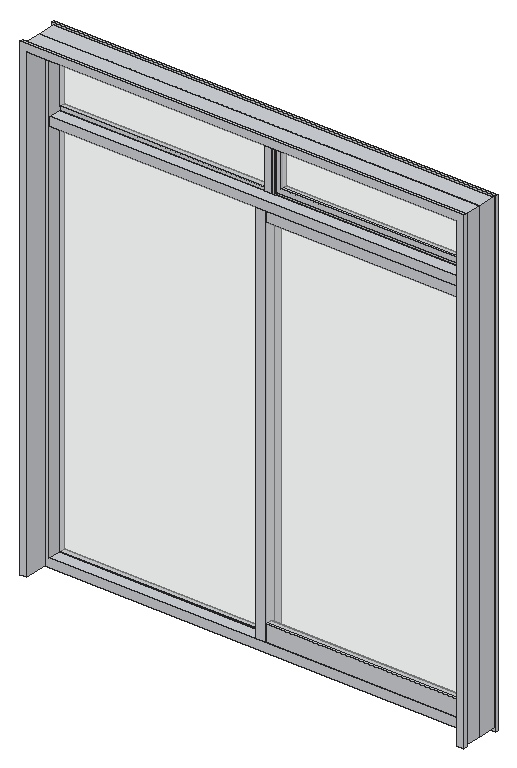
Revit family "APL Residential Thermal Heart Sliding Door SF with Overlight", category Doors, host Wall, Revit 2017 (continued)
Definition of nested family "APL Residential Thermal Heart Sliding Door SF with Overlight Vertical Section"
  Definition of nested family "Two Panel Overlight"
    Definition of nested family "65720_Sash"
      Lines and regions (mm)
        model lines, in view "Ref. Level"
          curve 163: line (5.314, 2.409, 0) -> (5.314, 2.909, 0)
          curve 164: line (5.314, 2.909, 0) -> (5.414, 3.384, 0)
          curve 165: line (5.414, 4.834, 0) -> (5.414, 5.209, 0)
          curve 166: line (5.414, 5.209, 0) -> (5.314, 5.809, 0)
          curve 167: line (5.714, 6.209, 0) -> (5.92, 6.209, 0)
          curve 168: line (5.92, 6.209, 0) -> (7.774, 5.17, 0)
          curve 169: line (8.374, 5.009, 0) -> (10.794, 5.009, 0)
          curve 170: line (11.794, 5.978, 0) -> (12.114, 13.768, 0)
          curve 171: arc (12.114, 13.768, 0) -> (12.293, 14.187, 0) -> (12.714, 14.359, 0) r 0.6
          curve 172: arc (5.3, -2.4, 0) -> (5.417, -2.117, 0) -> (5.7, -2, 0) r 0.4
          curve 173: arc (5.993, -2, 0) -> (6.096, -2.014, 0) -> (6.193, -2.054, 0) r 0.4
          curve 174: arc (7.721, -2.939, 0) -> (8.011, -3.059, 0) -> (8.322, -3.1, 0) r 1.2
          curve 175: arc (9.245, -3.1, 0) -> (9.818, -3.281, 0) -> (10.184, -3.758, 0) r 1
          curve 176: arc (10.977, -5.937, 0) -> (11.124, -6.128, 0) -> (11.353, -6.2, 0) r 0.4
          curve 177: arc (14.047, -6.2, 0) -> (14.276, -6.128, 0) -> (14.423, -5.937, 0) r 0.4
          curve 178: arc (15.216, -3.758, 0) -> (15.582, -3.281, 0) -> (16.155, -3.1, 0) r 1
          curve 179: arc (17.078, -3.1, 0) -> (17.389, -3.059, 0) -> (17.679, -2.939, 0) r 1.2
          curve 180: arc (19.207, -2.054, 0) -> (19.304, -2.014, 0) -> (19.407, -2, 0) r 0.4
          curve 181: arc (19.7, -2, 0) -> (19.983, -2.117, 0) -> (20.1, -2.4, 0) r 0.4
          curve 182: arc (20.1, -5.8, 0) -> (19.983, -6.083, 0) -> (19.7, -6.2, 0) r 0.4
          curve 183: arc (19.407, -6.2, 0) -> (19.304, -6.186, 0) -> (19.207, -6.146, 0) r 0.4
          curve 184: arc (17.679, -5.261, 0) -> (17.385, -5.14, 0) -> (17.07, -5.1, 0) r 1.2
          curve 185: arc (17.07, -5.1, 0) -> (16.895, -5.153, 0) -> (16.784, -5.297, 0) r 0.3
          curve 186: arc (15.896, -7.737, 0) -> (15.749, -7.928, 0) -> (15.52, -8, 0) r 0.4
          curve 187: arc (9.88, -8, 0) -> (9.651, -7.928, 0) -> (9.504, -7.737, 0) r 0.4
          curve 188: arc (8.616, -5.297, 0) -> (8.505, -5.153, 0) -> (8.33, -5.1, 0) r 0.3
          curve 189: arc (8.33, -5.1, 0) -> (8.015, -5.14, 0) -> (7.721, -5.261, 0) r 1.2
          curve 190: arc (6.193, -6.146, 0) -> (6.096, -6.186, 0) -> (5.993, -6.2, 0) r 0.4
          curve 191: arc (5.7, -6.2, 0) -> (5.417, -6.083, 0) -> (5.3, -5.8, 0) r 0.4
          curve 192: line (5.7, -2, 0) -> (5.993, -2, 0)
          curve 193: line (6.193, -2.054, 0) -> (7.721, -2.939, 0)
          curve 194: line (8.322, -3.1, 0) -> (9.245, -3.1, 0)
          curve 195: line (10.184, -3.758, 0) -> (10.977, -5.937, 0)
          curve 196: line (11.353, -6.2, 0) -> (14.047, -6.2, 0)
          curve 197: line (14.423, -5.937, 0) -> (15.216, -3.758, 0)
          curve 198: line (16.155, -3.1, 0) -> (17.078, -3.1, 0)
          curve 199: line (17.679, -2.939, 0) -> (19.207, -2.054, 0)
          curve 200: line (19.407, -2, 0) -> (19.7, -2, 0)
          curve 201: line (20.1, -2.4, 0) -> (20.1, -5.8, 0)
          curve 202: line (19.7, -6.2, 0) -> (19.407, -6.2, 0)
          curve 203: line (19.207, -6.146, 0) -> (17.679, -5.261, 0)
          curve 204: line (16.784, -5.297, 0) -> (15.896, -7.737, 0)
          curve 205: line (15.52, -8, 0) -> (9.88, -8, 0)
          curve 206: line (9.504, -7.737, 0) -> (8.616, -5.297, 0)
          curve 207: line (7.721, -5.261, 0) -> (6.193, -6.146, 0)
          curve 208: line (5.993, -6.2, 0) -> (5.7, -6.2, 0)
          curve 209: line (5.3, -5.8, 0) -> (5.3, -2.4, 0)
          curve 210: arc (7.8, -0.874, 0) -> (7.718, -0.477, 0) -> (7.485, -0.146, 0) r 1
          curve 211: arc (7.485, -0.146, 0) -> (7.422, 0, 0) -> (7.485, 0.146, 0) r 0.2
          curve 212: arc (7.485, 0.146, 0) -> (7.718, 0.477, 0) -> (7.8, 0.874, 0) r 1
          curve 213: arc (7.8, 2.449, 0) -> (7.673, 2.668, 0) -> (7.42, 2.663, 0) r 0.25
          curve 214: arc (7.334, 2.611, 0) -> (7.228, 2.479, 0) -> (7.231, 2.309, 0) r 0.25
          curve 215: arc (5.977, 1.544, 0) -> (5.902, 1.511, 0) -> (5.821, 1.5, 0) r 0.3
          curve 216: arc (5.3, 1.5, 0) -> (5.142, 1.578, 0) -> (5.106, 1.75, 0) r 0.2
          curve 217: arc (5.3, 5.753, 0) -> (5.274, 5.875, 0) -> (5.2, 5.976, 0) r 0.3
          curve 218: arc (5.2, 5.976, 0) -> (5.12, 6.307, 0) -> (5.4, 6.5, 0) r 0.3
          curve 219: arc (7.621, 5.957, 0) -> (7.71, 5.905, 0) -> (7.762, 5.816, 0) r 0.2
          curve 220: arc (7.807, 5.648, 0) -> (7.948, 5.507, 0) -> (8.141, 5.559, 0) r 0.2
          curve 221: arc (8.505, 5.922, 0) -> (8.565, 6.008, 0) -> (8.592, 6.108, 0) r 0.3
          curve 222: arc (8.799, 8.474, 0) -> (8.683, 8.738, 0) -> (8.397, 8.782, 0) r 0.3
          curve 223: arc (6.987, 8.268, 0) -> (6.861, 8.181, 0) -> (6.795, 8.043, 0) r 0.3
          curve 224: arc (6.795, 8.043, 0) -> (6.522, 7.801, 0) -> (6.217, 8, 0) r 0.3
          curve 225: arc (-3.3, 8, 0) -> (-4.007, 8.293, 0) -> (-4.3, 9, 0) r 1
          curve 226: arc (-4.3, 18.8, 0) -> (-4.241, 18.941, 0) -> (-4.1, 19, 0) r 0.2
          curve 227: arc (-3.2, 19, 0) -> (-2.493, 19.293, 0) -> (-2.2, 20, 0) r 1
          curve 228: arc (-2.2, 20.751, 0) -> (-2.7, 21.252, 0) -> (-3.2, 20.751, 0) r 0.5
          curve 229: arc (-3.2, 24.751, 0) -> (-2.7, 24.249, 0) -> (-2.2, 24.751, 0) r 0.5
          curve 230: arc (-2.2, 25.501, 0) -> (-2.493, 26.207, 0) -> (-3.199, 26.5, 0) r 0.999
          curve 231: arc (-4.7, 26.5, 0) -> (-5.407, 26.207, 0) -> (-5.7, 25.5, 0) r 1
          curve 232: arc (-5.7, -14.454, 0) -> (-5.548, -15.22, 0) -> (-5.114, -15.869, 0) r 2
          curve 233: arc (5.959, -26.941, 0) -> (6.177, -26.985, 0) -> (6.3, -26.8, 0) r 0.2
          curve 234: arc (6.3, -22.85, 0) -> (6.241, -22.709, 0) -> (6.1, -22.65, 0) r 0.2
          curve 235: arc (5.501, -22.65, 0) -> (5.359, -22.708, 0) -> (5.3, -22.85, 0) r 0.2
          curve 236: arc (5.3, -23.2, 0) -> (5.241, -23.341, 0) -> (5.1, -23.4, 0) r 0.201
          curve 237: arc (4.497, -23.4, 0) -> (4.357, -23.341, 0) -> (4.3, -23.2, 0) r 0.198
          curve 238: arc (4.3, -20.1, 0) -> (4.358, -19.96, 0) -> (4.497, -19.9, 0) r 0.2
          curve 239: arc (5.1, -19.9, 0) -> (5.241, -19.959, 0) -> (5.3, -20.1, 0) r 0.2
          curve 240: arc (5.3, -20.45, 0) -> (5.359, -20.591, 0) -> (5.5, -20.65, 0) r 0.2
          curve 241: arc (6.1, -20.65, 0) -> (6.241, -20.591, 0) -> (6.3, -20.45, 0) r 0.2
          curve 242: arc (6.3, -19.092, 0) -> (6.244, -18.951, 0) -> (6.1, -18.9, 0) r 0.184
          curve 243: arc (6.217, -8, 0) -> (6.522, -7.801, 0) -> (6.795, -8.043, 0) r 0.3
          curve 244: arc (6.795, -8.043, 0) -> (6.861, -8.181, 0) -> (6.987, -8.268, 0) r 0.3
          curve 245: arc (8.397, -8.782, 0) -> (8.683, -8.738, 0) -> (8.799, -8.474, 0) r 0.3
          curve 246: arc (8.592, -6.108, 0) -> (8.565, -6.008, 0) -> (8.505, -5.922, 0) r 0.3
          curve 247: arc (8.141, -5.559, 0) -> (7.948, -5.507, 0) -> (7.807, -5.648, 0) r 0.2
          curve 248: arc (7.762, -5.816, 0) -> (7.71, -5.905, 0) -> (7.621, -5.957, 0) r 0.2
          curve 249: arc (5.4, -6.5, 0) -> (5.12, -6.307, 0) -> (5.2, -5.976, 0) r 0.3
          curve 250: arc (5.2, -5.976, 0) -> (5.274, -5.875, 0) -> (5.3, -5.753, 0) r 0.3
          curve 251: arc (5.106, -1.75, 0) -> (5.142, -1.578, 0) -> (5.3, -1.5, 0) r 0.2
          curve 252: arc (5.82, -1.5, 0) -> (5.902, -1.511, 0) -> (5.977, -1.544, 0) r 0.3
          curve 253: arc (7.231, -2.309, 0) -> (7.228, -2.479, 0) -> (7.334, -2.611, 0) r 0.25
          curve 254: arc (7.42, -2.663, 0) -> (7.672, -2.668, 0) -> (7.8, -2.45, 0) r 0.25
          curve 255: arc (-0.454, 6.272, 0) -> (-0.427, 6.485, 0) -> (-0.608, 6.6, 0) r 0.2
          curve 256: arc (-3.4, 6.6, 0) -> (-4.107, 6.307, 0) -> (-4.4, 5.6, 0) r 1
          curve 257: arc (-4.4, -2.447, 0) -> (-4.254, -2.802, 0) -> (-3.9, -2.949, 0) r 0.5
          curve 258: arc (-2.4, -2.949, 0) -> (-1.693, -3.242, 0) -> (-1.4, -3.949, 0) r 1
          curve 259: arc (-1.4, -4.449, 0) -> (-1.9, -4.949, 0) -> (-2.4, -4.449, 0) r 0.5
          curve 260: arc (-4, -3.949, 0) -> (-4.283, -4.067, 0) -> (-4.4, -4.349, 0) r 0.4
          curve 261: arc (-4.4, -9.05, 0) -> (-4, -9.45, 0) -> (-4.4, -9.85, 0) r 0.4
          curve 262: arc (-4.4, -14.452, 0) -> (-4.347, -14.721, 0) -> (-4.195, -14.949, 0) r 0.7
          curve 263: arc (-2.4, -14.449, 0) -> (-1.9, -13.949, 0) -> (-1.4, -14.449, 0) r 0.5
          curve 264: arc (-1.4, -15.007, 0) -> (-1.602, -15.609, 0) -> (-2.125, -15.969, 0) r 1
          curve 265: arc (-2.125, -15.969, 0) -> (-2.472, -16.324, 0) -> (-2.341, -16.803, 0) r 0.5
          curve 266: arc (2.959, -22.103, 0) -> (3.177, -22.146, 0) -> (3.3, -21.962, 0) r 0.2
          curve 267: line (7.8, 0.874, 0) -> (7.8, 2.449, 0)
          curve 268: line (7.231, 2.309, 0) -> (5.977, 1.544, 0)
          curve 269: line (5.977, 1.544, 0) -> (5.3, 1.5, 0)
          curve 270: line (5.106, 1.75, 0) -> (5.294, 2.475, 0)
          curve 271: line (5.294, 2.475, 0) -> (5.3, 5.753, 0)
          curve 272: line (5.554, 6.5, 0) -> (7.621, 5.957, 0)
          curve 273: line (7.621, 5.957, 0) -> (7.807, 5.648, 0)
          curve 274: line (8.141, 5.559, 0) -> (8.505, 5.922, 0)
          curve 275: line (8.592, 6.108, 0) -> (8.799, 8.474, 0)
          curve 276: line (8.397, 8.782, 0) -> (6.987, 8.268, 0)
          curve 277: line (6.217, 8, 0) -> (-3.3, 8, 0)
          curve 278: line (-4.3, 9, 0) -> (-4.3, 18.8, 0)
          curve 279: line (-4.1, 19, 0) -> (-3.2, 19, 0)
          curve 280: line (-2.2, 20, 0) -> (-2.2, 20.751, 0)
          curve 281: line (-3.2, 20.751, 0) -> (-3.2, 20, 0)
          curve 282: line (-3.2, 20, 0) -> (-4.7, 20, 0)
          curve 283: line (-4.7, 20, 0) -> (-4.7, 25.5, 0)
          curve 284: line (-4.7, 25.5, 0) -> (-3.2, 25.5, 0)
          curve 285: line (-3.2, 25.5, 0) -> (-3.2, 24.751, 0)
          curve 286: line (-2.2, 24.751, 0) -> (-2.2, 25.501, 0)
          curve 287: line (-3.199, 26.5, 0) -> (-4.7, 26.5, 0)
          curve 288: line (-5.7, 25.5, 0) -> (-5.7, -14.454, 0)
          curve 289: line (-5.114, -15.869, 0) -> (5.959, -26.941, 0)
          curve 290: line (6.3, -26.8, 0) -> (6.3, -22.85, 0)
          curve 291: line (6.1, -22.65, 0) -> (5.501, -22.65, 0)
          curve 292: line (5.3, -22.85, 0) -> (5.3, -23.2, 0)
          curve 293: line (5.1, -23.4, 0) -> (4.497, -23.4, 0)
          curve 294: line (4.3, -23.2, 0) -> (4.3, -20.1, 0)
          curve 295: line (4.497, -19.9, 0) -> (5.1, -19.9, 0)
          curve 296: line (5.3, -20.1, 0) -> (5.3, -20.45, 0)
          curve 297: line (5.5, -20.65, 0) -> (6.1, -20.65, 0)
          curve 298: line (6.3, -20.45, 0) -> (6.3, -19.092, 0)
          curve 299: line (6.1, -18.9, 0) -> (4.6, -18.9, 0)
          curve 300: line (4.6, -18.9, 0) -> (4.6, -8, 0)
          curve 301: line (4.6, -8, 0) -> (6.217, -8, 0)
          curve 302: line (6.987, -8.268, 0) -> (8.397, -8.782, 0)
          curve 303: line (8.799, -8.474, 0) -> (8.592, -6.108, 0)
          curve 304: line (8.505, -5.922, 0) -> (8.141, -5.559, 0)
          curve 305: line (7.807, -5.648, 0) -> (7.762, -5.816, 0)
          curve 306: line (7.762, -5.816, 0) -> (5.632, -6.49, 0)
          curve 307: line (5.632, -6.49, 0) -> (5.4, -6.5, 0)
          curve 308: line (5.3, -5.753, 0) -> (5.3, -2.525, 0)
          curve 309: line (5.3, -2.525, 0) -> (5.106, -1.75, 0)
          curve 310: line (5.3, -1.5, 0) -> (5.82, -1.5, 0)
          curve 311: line (5.821, -1.5, 0) -> (7.231, -2.309, 0)
          curve 312: line (7.8, -2.45, 0) -> (7.8, -0.874, 0)
          curve 313: line (-0.608, 6.6, 0) -> (-3.4, 6.6, 0)
          curve 314: line (-4.4, 5.6, 0) -> (-4.4, -2.447, 0)
          curve 315: line (-3.9, -2.949, 0) -> (-2.4, -2.949, 0)
          curve 316: line (-1.4, -3.949, 0) -> (-1.4, -4.449, 0)
          curve 317: line (-2.4, -4.449, 0) -> (-2.4, -3.949, 0)
          curve 318: line (-2.4, -3.949, 0) -> (-4, -3.949, 0)
          curve 319: line (-4.4, -4.349, 0) -> (-4.4, -9.05, 0)
          curve 320: line (-4.4, -9.85, 0) -> (-4.4, -14.452, 0)
          curve 321: line (-4.195, -14.949, 0) -> (-2.4, -14.949, 0)
          curve 322: line (-2.4, -14.949, 0) -> (-2.4, -14.449, 0)
          curve 323: line (-1.4, -14.449, 0) -> (-1.4, -15.007, 0)
          curve 324: line (-2.341, -16.803, 0) -> (2.959, -22.103, 0)
          curve 325: line (3.3, -21.962, 0) -> (3.3, 2.193, 0)
          curve 326: arc (3.3, 2.193, 0) -> (3.272, 2.296, 0) -> (3.194, 2.37, 0) r 0.2
          curve 327: arc (3.194, 2.37, 0) -> (2.838, 2.85, 0) -> (2.984, 3.43, 0) r 0.7
          curve 328: arc (2.984, 3.43, 0) -> (3.33, 4.4, 0) -> (2.984, 5.37, 0) r 1.53
          curve 329: arc (2.984, 5.37, 0) -> (2.892, 5.514, 0) -> (2.838, 5.676, 0) r 0.7
          curve 330: arc (2.838, 5.676, 0) -> (2.741, 5.888, 0) -> (2.559, 6.032, 0) r 0.5
          curve 331: arc (2.559, 6.032, 0) -> (1.8, 6.2, 0) -> (1.041, 6.032, 0) r 1.8
          curve 332: arc (1.041, 6.032, 0) -> (0.859, 5.888, 0) -> (0.762, 5.676, 0) r 0.5
          curve 333: arc (0.762, 5.676, 0) -> (0.708, 5.514, 0) -> (0.616, 5.37, 0) r 0.7
          curve 334: arc (0.616, 5.37, 0) -> (0.27, 4.4, 0) -> (0.616, 3.43, 0) r 1.53
          curve 335: arc (0.616, 3.43, 0) -> (0.519, 2.445, 0) -> (-0.466, 2.543, 0) r 0.7
          curve 336: arc (-0.466, 2.543, 0) -> (-1.13, 4.41, 0) -> (-0.454, 6.272, 0) r 2.93
      Text (mm)
        text "65720" at (33.241, 33.025, 0), in view "Ref. Level"
    Definition of nested family "65440_Closer"
      Reference planes
        plane 1 "Center (Front/Back)": y = 0
        plane 2: z = 0
        plane 3 "Center (Left/Right)": x = 0
      Lines and regions (mm)
        model lines, in view "Ref. Level"
          curve 1: arc (15.021, 8.957, 0) -> (15.11, 8.905, 0) -> (15.162, 8.816, 0) r 0.2
          curve 2: arc (15.207, 8.648, 0) -> (15.348, 8.507, 0) -> (15.541, 8.559, 0) r 0.2
          curve 3: arc (15.905, 8.922, 0) -> (15.965, 9.008, 0) -> (15.992, 9.108, 0) r 0.3
          curve 4: arc (16.199, 11.474, 0) -> (16.083, 11.738, 0) -> (15.797, 11.782, 0) r 0.3
          curve 5: arc (14.387, 11.268, 0) -> (14.261, 11.181, 0) -> (14.195, 11.043, 0) r 0.3
          curve 6: arc (14.195, 11.043, 0) -> (13.922, 10.801, 0) -> (13.617, 11, 0) r 0.3
          curve 7: arc (9.5, 11, 0) -> (9.359, 10.941, 0) -> (9.3, 10.8, 0) r 0.2
          curve 8: arc (9.3, 10.5, 0) -> (9.38, 10.2, 0) -> (9.6, 9.98, 0) r 0.6
          curve 9: arc (10.7, 9.345, 0) -> (10.773, 9.272, 0) -> (10.8, 9.172, 0) r 0.2
          curve 10: arc (10.8, 2, 0) -> (10.507, 1.293, 0) -> (9.8, 1, 0) r 1
          curve 11: arc (2.483, 1, 0) -> (1.783, 1.286, 0) -> (1.483, 1.98, 0) r 1
          curve 12: arc (1.322, 9.935, 0) -> (1.357, 10.052, 0) -> (1.453, 10.127, 0) r 0.2
          curve 13: arc (1.453, 10.127, 0) -> (1.621, 10.234, 0) -> (1.725, 10.403, 0) r 0.45
          curve 14: arc (1.725, 10.403, 0) -> (1.729, 10.522, 0) -> (1.665, 10.621, 0) r 0.2
          curve 15: arc (0.2, 11, 0) -> (0.059, 10.941, 0) -> (0, 10.8, 0) r 0.2
          curve 16: arc (0, -10.8, 0) -> (0.059, -10.941, 0) -> (0.2, -11, 0) r 0.2
          curve 17: arc (1.665, -10.621, 0) -> (1.729, -10.522, 0) -> (1.725, -10.403, 0) r 0.2
          curve 18: arc (1.725, -10.403, 0) -> (1.621, -10.234, 0) -> (1.453, -10.127, 0) r 0.45
          curve 19: arc (1.453, -10.127, 0) -> (1.357, -10.052, 0) -> (1.322, -9.935, 0) r 0.2
          curve 20: arc (1.483, -1.98, 0) -> (1.783, -1.286, 0) -> (2.483, -1, 0) r 1
          curve 21: arc (9.8, -1, 0) -> (10.507, -1.293, 0) -> (10.8, -2, 0) r 1
          curve 22: arc (10.8, -9.172, 0) -> (10.773, -9.272, 0) -> (10.7, -9.345, 0) r 0.2
          curve 23: arc (9.6, -9.98, 0) -> (9.38, -10.2, 0) -> (9.3, -10.5, 0) r 0.6
          curve 24: arc (9.3, -10.8, 0) -> (9.359, -10.941, 0) -> (9.5, -11, 0) r 0.2
          curve 25: arc (13.617, -11, 0) -> (13.922, -10.801, 0) -> (14.195, -11.043, 0) r 0.3
          curve 26: arc (14.195, -11.043, 0) -> (14.261, -11.181, 0) -> (14.387, -11.268, 0) r 0.3
          curve 27: arc (15.797, -11.782, 0) -> (16.083, -11.738, 0) -> (16.199, -11.474, 0) r 0.3
          curve 28: arc (15.992, -9.108, 0) -> (15.965, -9.008, 0) -> (15.905, -8.922, 0) r 0.3
          curve 29: arc (15.541, -8.559, 0) -> (15.348, -8.507, 0) -> (15.207, -8.648, 0) r 0.2
          curve 30: arc (15.162, -8.816, 0) -> (15.11, -8.905, 0) -> (15.021, -8.957, 0) r 0.2
          curve 31: arc (12.8, -9.5, 0) -> (12.52, -9.307, 0) -> (12.6, -8.976, 0) r 0.3
          curve 32: arc (12.6, -8.976, 0) -> (12.674, -8.875, 0) -> (12.7, -8.753, 0) r 0.3
          curve 33: arc (12.506, -4.75, 0) -> (12.542, -4.578, 0) -> (12.7, -4.5, 0) r 0.2
          curve 34: arc (13.221, -4.5, 0) -> (13.302, -4.511, 0) -> (13.377, -4.544, 0) r 0.3
          curve 35: arc (14.631, -5.309, 0) -> (14.628, -5.479, 0) -> (14.734, -5.611, 0) r 0.25
          curve 36: arc (14.82, -5.663, 0) -> (15.072, -5.668, 0) -> (15.2, -5.45, 0) r 0.25
          curve 37: arc (15.2, -3.001, 0) -> (15.054, -2.647, 0) -> (14.7, -2.5, 0) r 0.5
          curve 38: arc (12.901, -2.5, 0) -> (12.759, -2.442, 0) -> (12.7, -2.3, 0) r 0.2
          curve 39: arc (12.7, -0.4, 0) -> (13.1, 0, 0) -> (12.7, 0.4, 0) r 0.4
          curve 40: arc (12.7, 2.3, 0) -> (12.759, 2.441, 0) -> (12.9, 2.5, 0) r 0.2
          curve 41: arc (14.697, 2.5, 0) -> (15.053, 2.645, 0) -> (15.2, 3, 0) r 0.5
          curve 42: arc (15.2, 5.449, 0) -> (15.073, 5.668, 0) -> (14.82, 5.663, 0) r 0.25
          curve 43: arc (14.734, 5.611, 0) -> (14.628, 5.479, 0) -> (14.631, 5.309, 0) r 0.25
          curve 44: arc (13.377, 4.544, 0) -> (13.302, 4.511, 0) -> (13.221, 4.5, 0) r 0.3
          curve 45: arc (12.7, 4.5, 0) -> (12.542, 4.578, 0) -> (12.506, 4.75, 0) r 0.2
          curve 46: line (12.954, 9.5, 0) -> (15.021, 8.957, 0)
          curve 47: line (15.021, 8.957, 0) -> (15.207, 8.648, 0)
          curve 48: line (15.541, 8.559, 0) -> (15.905, 8.922, 0)
          curve 49: line (15.992, 9.108, 0) -> (16.199, 11.474, 0)
          curve 50: line (15.797, 11.782, 0) -> (14.387, 11.268, 0)
          curve 51: line (13.617, 11, 0) -> (9.5, 11, 0)
          curve 52: line (9.3, 10.8, 0) -> (9.3, 10.5, 0)
          curve 53: line (9.6, 9.98, 0) -> (10.7, 9.345, 0)
          curve 54: line (10.8, 9.172, 0) -> (10.8, 2, 0)
          curve 55: line (9.8, 1, 0) -> (2.483, 1, 0)
          curve 56: line (1.483, 1.98, 0) -> (1.322, 9.935, 0)
          curve 57: line (1.665, 10.621, 0) -> (1.269, 10.953, 0)
          curve 58: line (1.269, 10.953, 0) -> (0.2, 11, 0)
          curve 59: line (0, 10.8, 0) -> (0, -10.8, 0)
          curve 60: line (0.2, -11, 0) -> (1.141, -11, 0)
          curve 61: line (1.141, -11, 0) -> (1.665, -10.621, 0)
          curve 62: line (1.322, -9.935, 0) -> (1.483, -1.98, 0)
          curve 63: line (2.483, -1, 0) -> (9.8, -1, 0)
          curve 64: line (10.8, -2, 0) -> (10.8, -9.172, 0)
          curve 65: line (10.7, -9.345, 0) -> (9.6, -9.98, 0)
          curve 66: line (9.3, -10.5, 0) -> (9.3, -10.8, 0)
          curve 67: line (9.5, -11, 0) -> (13.617, -11, 0)
          curve 68: line (14.387, -11.268, 0) -> (15.797, -11.782, 0)
          curve 69: line (16.199, -11.474, 0) -> (15.992, -9.108, 0)
          curve 70: line (15.905, -8.922, 0) -> (15.541, -8.559, 0)
          curve 71: line (15.207, -8.648, 0) -> (15.162, -8.816, 0)
          curve 72: line (15.162, -8.816, 0) -> (13.032, -9.49, 0)
          curve 73: line (13.032, -9.49, 0) -> (12.8, -9.5, 0)
          curve 74: line (12.7, -8.753, 0) -> (12.7, -5.525, 0)
          curve 75: line (12.7, -5.525, 0) -> (12.506, -4.75, 0)
          curve 76: line (12.7, -4.5, 0) -> (13.221, -4.5, 0)
          curve 77: line (13.221, -4.5, 0) -> (14.631, -5.309, 0)
          curve 78: line (15.2, -5.45, 0) -> (15.2, -3.001, 0)
          curve 79: line (14.7, -2.5, 0) -> (12.901, -2.5, 0)
          curve 80: line (12.7, -2.3, 0) -> (12.7, -0.4, 0)
          curve 81: line (12.7, 0.4, 0) -> (12.7, 2.3, 0)
          curve 82: line (12.9, 2.5, 0) -> (14.697, 2.5, 0)
          curve 83: line (15.2, 3, 0) -> (15.2, 5.449, 0)
          curve 84: line (14.631, 5.309, 0) -> (13.377, 4.544, 0)
          curve 85: line (13.377, 4.544, 0) -> (12.7, 4.5, 0)
          curve 86: line (12.506, 4.75, 0) -> (12.694, 5.475, 0)
          curve 87: line (12.694, 5.475, 0) -> (12.7, 8.753, 0)
          curve 88: arc (12.7, 8.753, 0) -> (12.674, 8.875, 0) -> (12.6, 8.976, 0) r 0.3
          curve 89: arc (12.6, 8.976, 0) -> (12.52, 9.307, 0) -> (12.8, 9.5, 0) r 0.3
          curve 90: arc (12.7, -5.4, 0) -> (12.817, -5.117, 0) -> (13.1, -5, 0) r 0.4
          curve 91: arc (13.393, -5, 0) -> (13.496, -5.014, 0) -> (13.593, -5.054, 0) r 0.4
          curve 92: arc (15.121, -5.939, 0) -> (15.411, -6.059, 0) -> (15.722, -6.1, 0) r 1.2
          curve 93: arc (16.645, -6.1, 0) -> (17.218, -6.281, 0) -> (17.584, -6.758, 0) r 1
          curve 94: arc (18.377, -8.937, 0) -> (18.524, -9.128, 0) -> (18.753, -9.2, 0) r 0.4
          curve 95: arc (21.447, -9.2, 0) -> (21.676, -9.128, 0) -> (21.823, -8.937, 0) r 0.4
          curve 96: arc (22.616, -6.758, 0) -> (22.982, -6.281, 0) -> (23.555, -6.1, 0) r 1
          curve 97: arc (24.478, -6.1, 0) -> (24.789, -6.059, 0) -> (25.079, -5.939, 0) r 1.2
          curve 98: arc (26.607, -5.054, 0) -> (26.704, -5.014, 0) -> (26.807, -5, 0) r 0.4
          curve 99: arc (27.1, -5, 0) -> (27.383, -5.117, 0) -> (27.5, -5.4, 0) r 0.4
          curve 100: arc (27.5, -8.8, 0) -> (27.383, -9.083, 0) -> (27.1, -9.2, 0) r 0.4
          curve 101: arc (26.807, -9.2, 0) -> (26.704, -9.186, 0) -> (26.607, -9.146, 0) r 0.4
          curve 102: arc (25.079, -8.261, 0) -> (24.785, -8.14, 0) -> (24.47, -8.1, 0) r 1.2
          curve 103: arc (24.47, -8.1, 0) -> (24.295, -8.153, 0) -> (24.184, -8.297, 0) r 0.3
          curve 104: arc (23.296, -10.737, 0) -> (23.149, -10.928, 0) -> (22.92, -11, 0) r 0.4
          curve 105: arc (17.28, -11, 0) -> (17.051, -10.928, 0) -> (16.904, -10.737, 0) r 0.4
          curve 106: arc (16.016, -8.297, 0) -> (15.905, -8.153, 0) -> (15.73, -8.1, 0) r 0.3
          curve 107: arc (15.73, -8.1, 0) -> (15.415, -8.14, 0) -> (15.121, -8.261, 0) r 1.2
          curve 108: arc (13.593, -9.146, 0) -> (13.496, -9.186, 0) -> (13.393, -9.2, 0) r 0.4
          curve 109: arc (13.1, -9.2, 0) -> (12.817, -9.083, 0) -> (12.7, -8.8, 0) r 0.4
          curve 110: line (13.1, -5, 0) -> (13.393, -5, 0)
          curve 111: line (13.593, -5.054, 0) -> (15.121, -5.939, 0)
          curve 112: line (15.722, -6.1, 0) -> (16.645, -6.1, 0)
          curve 113: line (17.584, -6.758, 0) -> (18.377, -8.937, 0)
          curve 114: line (18.753, -9.2, 0) -> (21.447, -9.2, 0)
          curve 115: line (21.823, -8.937, 0) -> (22.616, -6.758, 0)
          curve 116: line (23.555, -6.1, 0) -> (24.478, -6.1, 0)
          curve 117: line (25.079, -5.939, 0) -> (26.607, -5.054, 0)
          curve 118: line (26.807, -5, 0) -> (27.1, -5, 0)
          curve 119: line (27.5, -5.4, 0) -> (27.5, -8.8, 0)
          curve 120: line (27.1, -9.2, 0) -> (26.807, -9.2, 0)
          curve 121: line (26.607, -9.146, 0) -> (25.079, -8.261, 0)
          curve 122: line (24.184, -8.297, 0) -> (23.296, -10.737, 0)
          curve 123: line (22.92, -11, 0) -> (17.28, -11, 0)
          curve 124: line (16.904, -10.737, 0) -> (16.016, -8.297, 0)
          curve 125: line (15.121, -8.261, 0) -> (13.593, -9.146, 0)
          curve 126: line (13.393, -9.2, 0) -> (13.1, -9.2, 0)
          curve 127: line (12.7, -8.8, 0) -> (12.7, -5.4, 0)
          curve 128: arc (12.7, 5.4, 0) -> (12.817, 5.117, 0) -> (13.1, 5, 0) r 0.4
          curve 129: arc (13.393, 5, 0) -> (13.496, 5.014, 0) -> (13.593, 5.054, 0) r 0.4
          curve 130: arc (15.121, 5.939, 0) -> (15.411, 6.059, 0) -> (15.722, 6.1, 0) r 1.2
          curve 131: arc (16.645, 6.1, 0) -> (17.218, 6.281, 0) -> (17.584, 6.758, 0) r 1
          curve 132: arc (18.377, 8.937, 0) -> (18.524, 9.128, 0) -> (18.753, 9.2, 0) r 0.4
          curve 133: arc (21.447, 9.2, 0) -> (21.676, 9.128, 0) -> (21.823, 8.937, 0) r 0.4
          curve 134: arc (22.616, 6.758, 0) -> (22.982, 6.281, 0) -> (23.555, 6.1, 0) r 1
          curve 135: arc (24.478, 6.1, 0) -> (24.789, 6.059, 0) -> (25.079, 5.939, 0) r 1.2
          curve 136: arc (26.607, 5.054, 0) -> (26.704, 5.014, 0) -> (26.807, 5, 0) r 0.4
          curve 137: arc (27.1, 5, 0) -> (27.383, 5.117, 0) -> (27.5, 5.4, 0) r 0.4
          curve 138: arc (27.5, 8.8, 0) -> (27.383, 9.083, 0) -> (27.1, 9.2, 0) r 0.4
          curve 139: arc (26.807, 9.2, 0) -> (26.704, 9.186, 0) -> (26.607, 9.146, 0) r 0.4
          curve 140: arc (25.079, 8.261, 0) -> (24.785, 8.14, 0) -> (24.47, 8.1, 0) r 1.2
          curve 141: arc (24.47, 8.1, 0) -> (24.295, 8.153, 0) -> (24.184, 8.297, 0) r 0.3
          curve 142: arc (23.296, 10.737, 0) -> (23.149, 10.928, 0) -> (22.92, 11, 0) r 0.4
          curve 143: arc (17.28, 11, 0) -> (17.051, 10.928, 0) -> (16.904, 10.737, 0) r 0.4
          curve 144: arc (16.016, 8.297, 0) -> (15.905, 8.153, 0) -> (15.73, 8.1, 0) r 0.3
          curve 145: arc (15.73, 8.1, 0) -> (15.415, 8.14, 0) -> (15.121, 8.261, 0) r 1.2
          curve 146: arc (13.593, 9.146, 0) -> (13.496, 9.186, 0) -> (13.393, 9.2, 0) r 0.4
          curve 147: arc (13.1, 9.2, 0) -> (12.817, 9.083, 0) -> (12.7, 8.8, 0) r 0.4
          curve 148: line (13.1, 5, 0) -> (13.393, 5, 0)
          curve 149: line (13.593, 5.054, 0) -> (15.121, 5.939, 0)
          curve 150: line (15.722, 6.1, 0) -> (16.645, 6.1, 0)
          curve 151: line (17.584, 6.758, 0) -> (18.377, 8.937, 0)
          curve 152: line (18.753, 9.2, 0) -> (21.447, 9.2, 0)
          curve 153: line (21.823, 8.937, 0) -> (22.616, 6.758, 0)
          curve 154: line (23.555, 6.1, 0) -> (24.478, 6.1, 0)
          curve 155: line (25.079, 5.939, 0) -> (26.607, 5.054, 0)
          curve 156: line (26.807, 5, 0) -> (27.1, 5, 0)
          curve 157: line (27.5, 5.4, 0) -> (27.5, 8.8, 0)
          curve 158: line (27.1, 9.2, 0) -> (26.807, 9.2, 0)
          curve 159: line (26.607, 9.146, 0) -> (25.079, 8.261, 0)
          curve 160: line (24.184, 8.297, 0) -> (23.296, 10.737, 0)
          curve 161: line (22.92, 11, 0) -> (17.28, 11, 0)
          curve 162: line (16.904, 10.737, 0) -> (16.016, 8.297, 0)
          curve 163: line (15.121, 8.261, 0) -> (13.593, 9.146, 0)
          curve 164: line (13.393, 9.2, 0) -> (13.1, 9.2, 0)
          curve 165: line (12.7, 8.8, 0) -> (12.7, 5.4, 0)
          curve 166: arc (70.2, 5.6, 0) -> (70.317, 5.883, 0) -> (70.6, 6, 0) r 0.4
          curve 167: arc (70.893, 6, 0) -> (70.996, 5.986, 0) -> (71.093, 5.946, 0) r 0.4
          curve 168: arc (72.621, 5.061, 0) -> (72.911, 4.941, 0) -> (73.222, 4.9, 0) r 1.2
          curve 169: arc (74.145, 4.9, 0) -> (74.718, 4.719, 0) -> (75.084, 4.242, 0) r 1
          curve 170: arc (75.877, 2.063, 0) -> (76.024, 1.872, 0) -> (76.253, 1.8, 0) r 0.4
          curve 171: arc (78.947, 1.8, 0) -> (79.176, 1.872, 0) -> (79.323, 2.063, 0) r 0.4
          curve 172: arc (80.116, 4.242, 0) -> (80.482, 4.719, 0) -> (81.055, 4.9, 0) r 1
          curve 173: arc (81.978, 4.9, 0) -> (82.289, 4.941, 0) -> (82.579, 5.061, 0) r 1.2
          curve 174: arc (84.107, 5.946, 0) -> (84.204, 5.986, 0) -> (84.307, 6, 0) r 0.4
          curve 175: arc (84.6, 6, 0) -> (84.883, 5.883, 0) -> (85, 5.6, 0) r 0.4
          curve 176: arc (85, 2.2, 0) -> (84.883, 1.917, 0) -> (84.6, 1.8, 0) r 0.4
          curve 177: arc (84.307, 1.8, 0) -> (84.204, 1.814, 0) -> (84.107, 1.854, 0) r 0.4
          curve 178: arc (82.579, 2.739, 0) -> (82.285, 2.86, 0) -> (81.97, 2.9, 0) r 1.2
          curve 179: arc (81.97, 2.9, 0) -> (81.795, 2.847, 0) -> (81.684, 2.703, 0) r 0.3
          curve 180: arc (80.796, 0.263, 0) -> (80.649, 0.072, 0) -> (80.42, 0, 0) r 0.4
          curve 181: arc (74.78, 0, 0) -> (74.551, 0.072, 0) -> (74.404, 0.263, 0) r 0.4
          curve 182: arc (73.516, 2.703, 0) -> (73.405, 2.847, 0) -> (73.23, 2.9, 0) r 0.3
          curve 183: arc (73.23, 2.9, 0) -> (72.915, 2.86, 0) -> (72.621, 2.739, 0) r 1.2
          curve 184: arc (71.093, 1.854, 0) -> (70.996, 1.814, 0) -> (70.893, 1.8, 0) r 0.4
          curve 185: arc (70.6, 1.8, 0) -> (70.317, 1.917, 0) -> (70.2, 2.2, 0) r 0.4
          curve 186: line (70.6, 6, 0) -> (70.893, 6, 0)
          curve 187: line (71.093, 5.946, 0) -> (72.621, 5.061, 0)
          curve 188: line (73.222, 4.9, 0) -> (74.145, 4.9, 0)
          curve 189: line (75.084, 4.242, 0) -> (75.877, 2.063, 0)
          curve 190: line (76.253, 1.8, 0) -> (78.947, 1.8, 0)
          curve 191: line (79.323, 2.063, 0) -> (80.116, 4.242, 0)
          curve 192: line (81.055, 4.9, 0) -> (81.978, 4.9, 0)
          curve 193: line (82.579, 5.061, 0) -> (84.107, 5.946, 0)
          curve 194: line (84.307, 6, 0) -> (84.6, 6, 0)
          curve 195: line (85, 5.6, 0) -> (85, 2.2, 0)
          curve 196: line (84.6, 1.8, 0) -> (84.307, 1.8, 0)
          curve 197: line (84.107, 1.854, 0) -> (82.579, 2.739, 0)
          curve 198: line (81.684, 2.703, 0) -> (80.796, 0.263, 0)
          curve 199: line (80.42, 0, 0) -> (74.78, 0, 0)
          curve 200: line (74.404, 0.263, 0) -> (73.516, 2.703, 0)
          curve 201: line (72.621, 2.739, 0) -> (71.093, 1.854, 0)
          curve 202: line (70.893, 1.8, 0) -> (70.6, 1.8, 0)
          curve 203: line (70.2, 2.2, 0) -> (70.2, 5.6, 0)
          curve 204: arc (42.7, -30, 0) -> (42.559, -29.941, 0) -> (42.5, -29.8, 0) r 0.2
          curve 205: arc (42.5, -28.25, 0) -> (43, -27.749, 0) -> (43.5, -28.25, 0) r 0.5
          curve 206: arc (43.5, -28.8, 0) -> (43.559, -28.941, 0) -> (43.7, -29, 0) r 0.2
          curve 207: arc (44.8, -29, 0) -> (44.941, -28.941, 0) -> (45, -28.8, 0) r 0.2
          curve 208: arc (45, -23.7, 0) -> (44.941, -23.559, 0) -> (44.8, -23.5, 0) r 0.2
          curve 209: arc (43.7, -23.5, 0) -> (43.559, -23.559, 0) -> (43.5, -23.7, 0) r 0.2
          curve 210: arc (43.5, -24.25, 0) -> (43, -24.749, 0) -> (42.5, -24.25, 0) r 0.5
          curve 211: arc (42.5, -23.5, 0) -> (42.793, -22.793, 0) -> (43.5, -22.5, 0) r 1
          curve 212: arc (44.395, -22.5, 0) -> (44.539, -22.443, 0) -> (44.6, -22.3, 0) r 0.202
          curve 213: arc (44.6, -11.2, 0) -> (44.538, -11.058, 0) -> (44.395, -11, 0) r 0.205
          curve 214: arc (26.583, -11, 0) -> (26.278, -10.801, 0) -> (26.005, -11.043, 0) r 0.3
          curve 215: arc (26.005, -11.043, 0) -> (25.939, -11.181, 0) -> (25.813, -11.268, 0) r 0.3
          curve 216: arc (24.403, -11.782, 0) -> (24.117, -11.738, 0) -> (24.001, -11.474, 0) r 0.3
          curve 217: arc (24.208, -9.108, 0) -> (24.235, -9.008, 0) -> (24.295, -8.922, 0) r 0.3
          curve 218: arc (24.659, -8.559, 0) -> (24.852, -8.507, 0) -> (24.993, -8.648, 0) r 0.2
          curve 219: arc (25.038, -8.816, 0) -> (25.09, -8.905, 0) -> (25.179, -8.957, 0) r 0.2
          curve 220: arc (27.4, -9.5, 0) -> (27.68, -9.307, 0) -> (27.6, -8.976, 0) r 0.3
          curve 221: arc (27.6, -8.976, 0) -> (27.526, -8.875, 0) -> (27.5, -8.753, 0) r 0.3
          curve 222: arc (27.694, -4.75, 0) -> (27.658, -4.578, 0) -> (27.5, -4.5, 0) r 0.2
          curve 223: arc (26.979, -4.5, 0) -> (26.898, -4.511, 0) -> (26.823, -4.544, 0) r 0.3
          curve 224: arc (25.569, -5.309, 0) -> (25.572, -5.479, 0) -> (25.466, -5.611, 0) r 0.25
          curve 225: arc (25.38, -5.663, 0) -> (25.128, -5.668, 0) -> (25, -5.45, 0) r 0.25
          curve 226: arc (25, -3.594, 0) -> (25.064, -3.349, 0) -> (25.239, -3.167, 0) r 0.5
          curve 227: arc (26.212, -2.573, 0) -> (26.338, -2.519, 0) -> (26.473, -2.5, 0) r 0.5
          curve 228: arc (27, -2.5, 0) -> (27.354, -2.354, 0) -> (27.5, -2, 0) r 0.5
          curve 229: arc (27.5, 1.999, 0) -> (27.354, 2.354, 0) -> (27, 2.5, 0) r 0.5
          curve 230: arc (26.473, 2.5, 0) -> (26.338, 2.519, 0) -> (26.212, 2.574, 0) r 0.5
          curve 231: arc (25.239, 3.167, 0) -> (25.064, 3.35, 0) -> (25, 3.594, 0) r 0.5
          curve 232: arc (25, 5.45, 0) -> (25.128, 5.668, 0) -> (25.38, 5.664, 0) r 0.25
          curve 233: arc (25.466, 5.612, 0) -> (25.572, 5.479, 0) -> (25.569, 5.309, 0) r 0.25
          curve 234: arc (26.823, 4.544, 0) -> (26.898, 4.512, 0) -> (26.979, 4.5, 0) r 0.3
          curve 235: arc (27.5, 4.5, 0) -> (27.658, 4.578, 0) -> (27.694, 4.75, 0) r 0.2
          curve 236: arc (27.5, 8.753, 0) -> (27.526, 8.876, 0) -> (27.6, 8.977, 0) r 0.3
          curve 237: arc (27.6, 8.977, 0) -> (27.68, 9.307, 0) -> (27.4, 9.5, 0) r 0.3
          curve 238: arc (25.179, 8.957, 0) -> (25.09, 8.906, 0) -> (25.038, 8.816, 0) r 0.2
          curve 239: arc (24.993, 8.649, 0) -> (24.852, 8.507, 0) -> (24.659, 8.559, 0) r 0.2
          curve 240: arc (24.295, 8.923, 0) -> (24.235, 9.008, 0) -> (24.208, 9.109, 0) r 0.3
          curve 241: arc (24.001, 11.474, 0) -> (24.117, 11.738, 0) -> (24.403, 11.782, 0) r 0.3
          curve 242: arc (25.813, 11.269, 0) -> (25.939, 11.182, 0) -> (26.005, 11.044, 0) r 0.3
          curve 243: arc (26.005, 11.044, 0) -> (26.278, 10.801, 0) -> (26.583, 11, 0) r 0.3
          curve 244: arc (44.395, 11, 0) -> (44.54, 11.057, 0) -> (44.6, 11.2, 0) r 0.2
          curve 245: arc (43.5, 22.5, 0) -> (42.793, 22.793, 0) -> (42.5, 23.5, 0) r 1
          curve 246: arc (42.5, 24.25, 0) -> (43, 24.75, 0) -> (43.5, 24.25, 0) r 0.5
          curve 247: arc (43.5, 28.25, 0) -> (43, 27.75, 0) -> (42.5, 28.25, 0) r 0.5
          curve 248: arc (42.5, 29.8, 0) -> (42.559, 29.942, 0) -> (42.7, 30, 0) r 0.2
          curve 249: arc (45.8, 30, 0) -> (45.942, 29.942, 0) -> (46, 29.8, 0) r 0.2
          curve 250: arc (46, 11.51, 0) -> (46.143, 11.15, 0) -> (46.5, 11, 0) r 0.5
          curve 251: arc (48.097, 11, 0) -> (48.453, 11.146, 0) -> (48.6, 11.5, 0) r 0.5
          curve 252: arc (48.6, 15.4, 0) -> (48.659, 15.542, 0) -> (48.8, 15.6, 0) r 0.2
          curve 253: arc (68.31, 15.6, 0) -> (68.484, 15.887, 0) -> (68.8, 16, 0) r 0.5
          curve 254: arc (71.117, 16, 0) -> (71.422, 15.801, 0) -> (71.695, 16.043, 0) r 0.3
          curve 255: arc (71.695, 16.043, 0) -> (71.761, 16.181, 0) -> (71.887, 16.268, 0) r 0.3
          curve 256: arc (73.297, 16.782, 0) -> (73.583, 16.738, 0) -> (73.699, 16.474, 0) r 0.3
          curve 257: arc (73.492, 14.108, 0) -> (73.465, 14.008, 0) -> (73.405, 13.922, 0) r 0.3
          curve 258: arc (73.041, 13.559, 0) -> (72.848, 13.507, 0) -> (72.707, 13.648, 0) r 0.2
          curve 259: arc (72.662, 13.816, 0) -> (72.61, 13.905, 0) -> (72.521, 13.957, 0) r 0.2
          curve 260: arc (70.3, 14.5, 0) -> (70.02, 14.307, 0) -> (70.1, 13.976, 0) r 0.3
          curve 261: arc (70.1, 13.976, 0) -> (70.174, 13.875, 0) -> (70.2, 13.753, 0) r 0.3
          curve 262: arc (70.006, 9.75, 0) -> (70.042, 9.578, 0) -> (70.2, 9.5, 0) r 0.2
          curve 263: arc (70.721, 9.5, 0) -> (70.802, 9.511, 0) -> (70.877, 9.544, 0) r 0.3
          curve 264: arc (72.131, 10.309, 0) -> (72.128, 10.479, 0) -> (72.234, 10.611, 0) r 0.25
          curve 265: arc (72.32, 10.663, 0) -> (72.572, 10.668, 0) -> (72.7, 10.45, 0) r 0.25
          curve 266: arc (72.7, 8.874, 0) -> (72.618, 8.477, 0) -> (72.385, 8.146, 0) r 1
          curve 267: arc (72.385, 8.146, 0) -> (72.322, 8, 0) -> (72.385, 7.854, 0) r 0.2
          curve 268: arc (72.385, 7.854, 0) -> (72.618, 7.523, 0) -> (72.7, 7.126, 0) r 1
          curve 269: arc (72.7, 5.55, 0) -> (72.572, 5.332, 0) -> (72.32, 5.337, 0) r 0.25
          curve 270: arc (72.234, 5.389, 0) -> (72.128, 5.521, 0) -> (72.131, 5.691, 0) r 0.25
          curve 271: arc (70.877, 6.456, 0) -> (70.802, 6.489, 0) -> (70.721, 6.5, 0) r 0.3
          curve 272: arc (70.2, 6.5, 0) -> (70.042, 6.422, 0) -> (70.006, 6.25, 0) r 0.2
          curve 273: arc (70.2, 2.247, 0) -> (70.174, 2.125, 0) -> (70.1, 2.024, 0) r 0.3
          curve 274: arc (70.1, 2.024, 0) -> (70.02, 1.693, 0) -> (70.3, 1.5, 0) r 0.3
          curve 275: arc (72.521, 2.043, 0) -> (72.61, 2.095, 0) -> (72.662, 2.184, 0) r 0.2
          curve 276: arc (72.707, 2.352, 0) -> (72.848, 2.493, 0) -> (73.041, 2.441, 0) r 0.2
          curve 277: arc (73.405, 2.078, 0) -> (73.465, 1.992, 0) -> (73.492, 1.892, 0) r 0.3
          curve 278: arc (73.699, -0.474, 0) -> (73.583, -0.738, 0) -> (73.297, -0.782, 0) r 0.3
          curve 279: arc (71.887, -0.268, 0) -> (71.761, -0.181, 0) -> (71.695, -0.043, 0) r 0.3
          curve 280: arc (71.695, -0.043, 0) -> (71.422, 0.199, 0) -> (71.117, 0, 0) r 0.3
          curve 281: arc (66.201, 0, 0) -> (65.847, -0.146, 0) -> (65.7, -0.5, 0) r 0.5
          curve 282: arc (65.7, -12.519, 0) -> (65.922, -13.994, 0) -> (66.57, -15.337, 0) r 5
          curve 283: arc (66.57, -15.337, 0) -> (67.411, -17.083, 0) -> (67.7, -19, 0) r 6.5
          curve 284: arc (67.7, -19.8, 0) -> (67.759, -19.941, 0) -> (67.9, -20, 0) r 0.2
          curve 285: arc (69.3, -20, 0) -> (69.441, -19.941, 0) -> (69.5, -19.8, 0) r 0.2
          curve 286: arc (69.5, -19.5, 0) -> (70, -18.999, 0) -> (70.5, -19.5, 0) r 0.5
          curve 287: arc (70.5, -22.048, 0) -> (70.001, -22.55, 0) -> (69.5, -22.05, 0) r 0.5
          curve 288: arc (69.5, -21.2, 0) -> (69.441, -21.059, 0) -> (69.3, -21, 0) r 0.2
          curve 289: arc (67.9, -21, 0) -> (67.759, -21.059, 0) -> (67.7, -21.2, 0) r 0.2
          curve 290: arc (67.7, -28.5, 0) -> (67.759, -28.641, 0) -> (67.9, -28.7, 0) r 0.2
          curve 291: arc (69.3, -28.7, 0) -> (69.441, -28.641, 0) -> (69.5, -28.5, 0) r 0.2
          curve 292: arc (69.5, -27.65, 0) -> (70, -27.149, 0) -> (70.5, -27.65, 0) r 0.5
          curve 293: arc (70.5, -29.499, 0) -> (70.354, -29.853, 0) -> (70, -30, 0) r 0.5
          curve 294: arc (47, -28.6, 0) -> (46.646, -28.454, 0) -> (46.5, -28.1, 0) r 0.5
          curve 295: arc (46.5, -23.5, 0) -> (46.409, -22.986, 0) -> (46.147, -22.533, 0) r 1.5
          curve 296: arc (46.1, -11.2, 0) -> (45.602, -9.998, 0) -> (44.4, -9.5, 0) r 1.7
          curve 297: arc (37.555, -9.5, 0) -> (37.114, -9.235, 0) -> (37.139, -8.722, 0) r 0.5
          curve 298: arc (37.139, -8.722, 0) -> (37.784, -6.197, 0) -> (36.695, -3.83, 0) r 3.9
          curve 299: arc (36.695, -3.83, 0) -> (35.422, -3.813, 0) -> (35.405, -5.085, 0) r 0.9
          curve 300: arc (35.405, -5.085, 0) -> (36, -6.55, 0) -> (35.405, -8.015, 0) r 2.1
          curve 301: arc (35.405, -8.015, 0) -> (35.28, -8.177, 0) -> (35.194, -8.364, 0) r 0.9
          curve 302: arc (35.194, -8.364, 0) -> (35.097, -8.536, 0) -> (34.94, -8.657, 0) r 0.5
          curve 303: arc (34.94, -8.657, 0) -> (33.9, -8.9, 0) -> (32.86, -8.657, 0) r 2.35
          curve 304: arc (32.86, -8.657, 0) -> (32.703, -8.536, 0) -> (32.606, -8.364, 0) r 0.5
          curve 305: arc (32.606, -8.364, 0) -> (32.52, -8.177, 0) -> (32.395, -8.015, 0) r 0.9
          curve 306: arc (32.395, -8.015, 0) -> (31.8, -6.55, 0) -> (32.395, -5.085, 0) r 2.1
          curve 307: arc (32.395, -5.085, 0) -> (32.378, -3.813, 0) -> (31.105, -3.83, 0) r 0.9
          curve 308: arc (31.105, -3.83, 0) -> (30.548, -4.556, 0) -> (30.176, -5.392, 0) r 3.9
          curve 309: arc (30.176, -5.392, 0) -> (29.731, -5.649, 0) -> (29.4, -5.255, 0) r 0.4
          curve 310: arc (29.4, 5.256, 0) -> (29.731, 5.649, 0) -> (30.176, 5.392, 0) r 0.4
          curve 311: arc (30.176, 5.392, 0) -> (30.548, 4.557, 0) -> (31.105, 3.83, 0) r 3.9
          curve 312: arc (31.105, 3.83, 0) -> (32.378, 3.813, 0) -> (32.395, 5.086, 0) r 0.9
          curve 313: arc (32.395, 5.086, 0) -> (31.8, 6.55, 0) -> (32.395, 8.015, 0) r 2.1
          curve 314: arc (32.395, 8.015, 0) -> (32.52, 8.177, 0) -> (32.606, 8.364, 0) r 0.9
          curve 315: arc (32.606, 8.364, 0) -> (32.703, 8.537, 0) -> (32.86, 8.658, 0) r 0.5
          curve 316: arc (32.86, 8.658, 0) -> (33.9, 8.9, 0) -> (34.94, 8.658, 0) r 2.35
          curve 317: arc (34.94, 8.658, 0) -> (35.097, 8.537, 0) -> (35.194, 8.364, 0) r 0.5
          curve 318: arc (35.194, 8.364, 0) -> (35.28, 8.177, 0) -> (35.405, 8.015, 0) r 0.9
          curve 319: arc (35.405, 8.015, 0) -> (36, 6.55, 0) -> (35.405, 5.086, 0) r 2.1
          curve 320: arc (35.405, 5.086, 0) -> (35.422, 3.813, 0) -> (36.695, 3.83, 0) r 0.9
          curve 321: arc (36.695, 3.83, 0) -> (37.784, 6.197, 0) -> (37.139, 8.722, 0) r 3.9
          curve 322: arc (37.139, 8.722, 0) -> (37.114, 9.236, 0) -> (37.555, 9.5, 0) r 0.5
          curve 323: arc (47.584, 9.5, 0) -> (49.362, 10.227, 0) -> (50.1, 12, 0) r 2.5
          curve 324: arc (50.1, 13.6, 0) -> (50.246, 13.954, 0) -> (50.6, 14.1, 0) r 0.5
          curve 325: arc (67.8, 14.1, 0) -> (68.154, 13.954, 0) -> (68.3, 13.6, 0) r 0.5
          curve 326: arc (68.3, 3.002, 0) -> (68.008, 2.294, 0) -> (67.3, 2, 0) r 1
          curve 327: arc (66.2, 2, 0) -> (64.786, 1.414, 0) -> (64.2, 0, 0) r 2
          curve 328: arc (64.2, -12.517, 0) -> (64.489, -14.435, 0) -> (65.33, -16.182, 0) r 6.5
          curve 329: arc (65.33, -16.182, 0) -> (65.978, -17.526, 0) -> (66.2, -19, 0) r 5
          curve 330: arc (66.2, -28.1, 0) -> (66.054, -28.454, 0) -> (65.7, -28.6, 0) r 0.5
          curve 331: line (42.5, -29.8, 0) -> (42.5, -28.25, 0)
          curve 332: line (43.5, -28.25, 0) -> (43.5, -28.8, 0)
          curve 333: line (43.7, -29, 0) -> (44.8, -29, 0)
          curve 334: line (45, -28.8, 0) -> (45, -23.7, 0)
          curve 335: line (44.8, -23.5, 0) -> (43.7, -23.5, 0)
          curve 336: line (43.5, -23.7, 0) -> (43.5, -24.25, 0)
          curve 337: line (42.5, -24.25, 0) -> (42.5, -23.5, 0)
          curve 338: line (43.5, -22.5, 0) -> (44.395, -22.5, 0)
          curve 339: line (44.6, -22.3, 0) -> (44.6, -11.2, 0)
          curve 340: line (44.395, -11, 0) -> (34.3, -11, 0)
          curve 341: line (34.3, -11, 0) -> (33.9, -10.6, 0)
          curve 342: line (33.9, -10.6, 0) -> (33.5, -11, 0)
          curve 343: line (33.5, -11, 0) -> (26.583, -11, 0)
          curve 344: line (25.813, -11.268, 0) -> (24.403, -11.782, 0)
          curve 345: line (24.001, -11.474, 0) -> (24.208, -9.108, 0)
          curve 346: line (24.295, -8.922, 0) -> (24.659, -8.559, 0)
          curve 347: line (24.993, -8.648, 0) -> (25.038, -8.816, 0)
          curve 348: line (25.038, -8.816, 0) -> (27.168, -9.49, 0)
          curve 349: line (27.168, -9.49, 0) -> (27.4, -9.5, 0)
          curve 350: line (27.5, -8.753, 0) -> (27.5, -5.525, 0)
          curve 351: line (27.5, -5.525, 0) -> (27.694, -4.75, 0)
          curve 352: line (27.5, -4.5, 0) -> (26.979, -4.5, 0)
          curve 353: line (26.979, -4.5, 0) -> (25.569, -5.309, 0)
          curve 354: line (25, -5.45, 0) -> (25, -3.594, 0)
          curve 355: line (25.239, -3.167, 0) -> (26.212, -2.573, 0)
          curve 356: line (26.473, -2.5, 0) -> (27, -2.5, 0)
          curve 357: line (27.5, -2, 0) -> (27.5, 1.999, 0)
          curve 358: line (27, 2.5, 0) -> (26.473, 2.5, 0)
          curve 359: line (26.212, 2.574, 0) -> (25.239, 3.167, 0)
          curve 360: line (25, 3.594, 0) -> (25, 5.45, 0)
          curve 361: line (25.569, 5.309, 0) -> (26.823, 4.544, 0)
          curve 362: line (26.823, 4.544, 0) -> (27.5, 4.5, 0)
          curve 363: line (27.694, 4.75, 0) -> (27.506, 5.476, 0)
          curve 364: line (27.506, 5.476, 0) -> (27.5, 8.753, 0)
          curve 365: line (27.246, 9.5, 0) -> (25.179, 8.957, 0)
          curve 366: line (25.179, 8.957, 0) -> (24.993, 8.649, 0)
          curve 367: line (24.659, 8.559, 0) -> (24.295, 8.923, 0)
          curve 368: line (24.208, 9.109, 0) -> (24.001, 11.474, 0)
          curve 369: line (24.403, 11.782, 0) -> (25.813, 11.269, 0)
          curve 370: line (26.583, 11, 0) -> (33.5, 11, 0)
          curve 371: line (33.5, 11, 0) -> (33.9, 10.6, 0)
          curve 372: line (33.9, 10.6, 0) -> (34.3, 11, 0)
          curve 373: line (34.3, 11, 0) -> (44.395, 11, 0)
          curve 374: line (44.6, 11.2, 0) -> (44.6, 22.5, 0)
          curve 375: line (44.6, 22.5, 0) -> (43.5, 22.5, 0)
          curve 376: line (42.5, 23.5, 0) -> (42.5, 24.25, 0)
          curve 377: line (43.5, 24.25, 0) -> (43.5, 23.5, 0)
          curve 378: line (43.5, 23.5, 0) -> (45, 23.5, 0)
          curve 379: line (45, 23.5, 0) -> (45, 29, 0)
          curve 380: line (45, 29, 0) -> (43.5, 29, 0)
          curve 381: line (43.5, 29, 0) -> (43.5, 28.25, 0)
          curve 382: line (42.5, 28.25, 0) -> (42.5, 29.8, 0)
          curve 383: line (42.7, 30, 0) -> (45.8, 30, 0)
          curve 384: line (46, 29.8, 0) -> (46, 11.51, 0)
          curve 385: line (46.5, 11, 0) -> (48.097, 11, 0)
          curve 386: line (48.6, 11.5, 0) -> (48.6, 15.4, 0)
          curve 387: line (48.8, 15.6, 0) -> (68.31, 15.6, 0)
          curve 388: line (68.8, 16, 0) -> (71.117, 16, 0)
          curve 389: line (71.887, 16.268, 0) -> (73.297, 16.782, 0)
          curve 390: line (73.699, 16.474, 0) -> (73.492, 14.108, 0)
          curve 391: line (73.405, 13.922, 0) -> (73.041, 13.559, 0)
          curve 392: line (72.707, 13.648, 0) -> (72.662, 13.816, 0)
          curve 393: line (72.662, 13.816, 0) -> (70.532, 14.49, 0)
          curve 394: line (70.532, 14.49, 0) -> (70.3, 14.5, 0)
          curve 395: line (70.2, 13.753, 0) -> (70.2, 10.525, 0)
          curve 396: line (70.2, 10.525, 0) -> (70.006, 9.75, 0)
          curve 397: line (70.2, 9.5, 0) -> (70.721, 9.5, 0)
          curve 398: line (70.721, 9.5, 0) -> (72.131, 10.309, 0)
          curve 399: line (72.7, 10.45, 0) -> (72.7, 8.874, 0)
          curve 400: line (72.7, 7.126, 0) -> (72.7, 5.55, 0)
          curve 401: line (72.131, 5.691, 0) -> (70.877, 6.456, 0)
          curve 402: line (70.877, 6.456, 0) -> (70.2, 6.5, 0)
          curve 403: line (70.006, 6.25, 0) -> (70.2, 5.5, 0)
          curve 404: line (70.194, 5.525, 0) -> (70.2, 2.247, 0)
          curve 405: line (70.454, 1.5, 0) -> (72.521, 2.043, 0)
          curve 406: line (72.521, 2.043, 0) -> (72.707, 2.352, 0)
          curve 407: line (73.041, 2.441, 0) -> (73.405, 2.078, 0)
          curve 408: line (73.492, 1.892, 0) -> (73.699, -0.474, 0)
          curve 409: line (73.297, -0.782, 0) -> (71.887, -0.268, 0)
          curve 410: line (71.117, 0, 0) -> (66.201, 0, 0)
          curve 411: line (65.7, -0.5, 0) -> (65.7, -12.519, 0)
          curve 412: line (67.7, -19, 0) -> (67.7, -19.8, 0)
          curve 413: line (67.9, -20, 0) -> (69.3, -20, 0)
          curve 414: line (69.5, -19.8, 0) -> (69.5, -19.5, 0)
          curve 415: line (70.5, -19.5, 0) -> (70.5, -22.048, 0)
          curve 416: line (69.5, -22.05, 0) -> (69.5, -21.2, 0)
          curve 417: line (69.3, -21, 0) -> (67.9, -21, 0)
          curve 418: line (67.7, -21.2, 0) -> (67.7, -28.5, 0)
          curve 419: line (67.9, -28.7, 0) -> (69.3, -28.7, 0)
          curve 420: line (69.5, -28.5, 0) -> (69.5, -27.65, 0)
          curve 421: line (70.5, -27.65, 0) -> (70.5, -29.499, 0)
          curve 422: line (70, -30, 0) -> (42.7, -30, 0)
          curve 423: line (46.5, -28.1, 0) -> (46.5, -23.5, 0)
          curve 424: line (46.1, -22.405, 0) -> (46.1, -11.2, 0)
          curve 425: line (44.4, -9.5, 0) -> (37.555, -9.5, 0)
          curve 426: line (29.4, -5.255, 0) -> (29.4, 5.256, 0)
          curve 427: line (37.555, 9.5, 0) -> (47.584, 9.5, 0)
          curve 428: line (50.1, 12, 0) -> (50.1, 13.6, 0)
          curve 429: line (50.6, 14.1, 0) -> (67.8, 14.1, 0)
          curve 430: line (68.3, 13.6, 0) -> (68.3, 3.002, 0)
          curve 431: line (67.3, 2, 0) -> (66.2, 2, 0)
          curve 432: line (64.2, 0, 0) -> (64.2, -12.517, 0)
          curve 433: line (66.2, -19, 0) -> (66.2, -28.1, 0)
          curve 434: line (65.7, -28.6, 0) -> (47, -28.6, 0)
          curve 435: arc (96.842, 2.443, 0) -> (96.999, 2.564, 0) -> (97.096, 2.736, 0) r 0.5
          curve 436: arc (97.096, 2.736, 0) -> (97.182, 2.923, 0) -> (97.307, 3.085, 0) r 0.9
          curve 437: arc (97.307, 3.085, 0) -> (97.902, 4.55, 0) -> (97.307, 6.015, 0) r 2.1
          curve 438: arc (97.307, 6.015, 0) -> (97.324, 7.287, 0) -> (98.597, 7.27, 0) r 0.9
          curve 439: arc (98.597, 7.27, 0) -> (99.675, 5.007, 0) -> (99.154, 2.556, 0) r 3.9
          curve 440: arc (99.154, 2.556, 0) -> (99.149, 2.053, 0) -> (99.583, 1.8, 0) r 0.5
          curve 441: arc (112.5, 1.8, 0) -> (113.207, 2.093, 0) -> (113.5, 2.8, 0) r 1
          curve 442: arc (113.5, 9, 0) -> (113.354, 9.354, 0) -> (113, 9.5, 0) r 0.5
          curve 443: arc (111.5, 9.5, 0) -> (110.086, 10.086, 0) -> (109.5, 11.5, 0) r 2
          curve 444: arc (109.5, 13.6, 0) -> (109.354, 13.954, 0) -> (109, 14.1, 0) r 0.5
          curve 445: arc (87.4, 14.1, 0) -> (87.046, 13.954, 0) -> (86.9, 13.6, 0) r 0.5
          curve 446: arc (86.9, 2.3, 0) -> (87.046, 1.947, 0) -> (87.4, 1.8, 0) r 0.5
          curve 447: arc (92.021, 1.8, 0) -> (92.456, 2.053, 0) -> (92.451, 2.556, 0) r 0.5
          curve 448: arc (92.451, 2.556, 0) -> (91.929, 5.007, 0) -> (93.007, 7.27, 0) r 3.9
          curve 449: arc (93.007, 7.27, 0) -> (94.28, 7.287, 0) -> (94.297, 6.015, 0) r 0.9
          curve 450: arc (94.297, 6.015, 0) -> (93.702, 4.55, 0) -> (94.297, 3.085, 0) r 2.1
          curve 451: arc (94.297, 3.085, 0) -> (94.423, 2.923, 0) -> (94.508, 2.736, 0) r 0.9
          curve 452: arc (94.508, 2.736, 0) -> (94.605, 2.564, 0) -> (94.762, 2.443, 0) r 0.5
          curve 453: arc (94.762, 2.443, 0) -> (95.802, 2.2, 0) -> (96.842, 2.443, 0) r 2.35
          curve 454: arc (85.1, 13.976, 0) -> (85.18, 14.307, 0) -> (84.9, 14.5, 0) r 0.3
          curve 455: arc (82.679, 13.957, 0) -> (82.59, 13.905, 0) -> (82.538, 13.816, 0) r 0.2
          curve 456: arc (82.493, 13.648, 0) -> (82.352, 13.507, 0) -> (82.159, 13.559, 0) r 0.2
          curve 457: arc (81.795, 13.922, 0) -> (81.735, 14.008, 0) -> (81.708, 14.108, 0) r 0.3
          curve 458: arc (81.501, 16.474, 0) -> (81.617, 16.738, 0) -> (81.903, 16.782, 0) r 0.3
          curve 459: arc (83.313, 16.268, 0) -> (83.439, 16.181, 0) -> (83.505, 16.043, 0) r 0.3
          curve 460: arc (83.505, 16.043, 0) -> (83.778, 15.801, 0) -> (84.083, 16, 0) r 0.3
          curve 461: arc (86.4, 16, 0) -> (86.716, 15.887, 0) -> (86.89, 15.6, 0) r 0.5
          curve 462: arc (110.8, 15.6, 0) -> (110.941, 15.541, 0) -> (111, 15.4, 0) r 0.2
          curve 463: arc (111, 11.5, 0) -> (111.146, 11.146, 0) -> (111.5, 11, 0) r 0.5
          curve 464: arc (112.997, 11, 0) -> (113.353, 11.145, 0) -> (113.5, 11.5, 0) r 0.5
          curve 465: arc (113.5, 17.8, 0) -> (113.559, 17.941, 0) -> (113.7, 18, 0) r 0.2
          curve 466: arc (114.5, 18, 0) -> (114.854, 17.854, 0) -> (115, 17.5, 0) r 0.5
          curve 467: arc (115, -29.493, 0) -> (114.85, -29.845, 0) -> (114.5, -30, 0) r 0.523
          curve 468: arc (111, -30, 0) -> (110.646, -29.854, 0) -> (110.5, -29.5, 0) r 0.499
          curve 469: arc (110.5, -27.65, 0) -> (111, -27.151, 0) -> (111.5, -27.65, 0) r 0.5
          curve 470: arc (111.5, -28.499, 0) -> (111.558, -28.641, 0) -> (111.7, -28.7, 0) r 0.2
          curve 471: arc (113.298, -28.7, 0) -> (113.441, -28.642, 0) -> (113.5, -28.5, 0) r 0.2
          curve 472: arc (113.5, -27.352, 0) -> (113.442, -27.209, 0) -> (113.3, -27.15, 0) r 0.2
          curve 473: arc (113.2, -27.15, 0) -> (113.058, -27.091, 0) -> (113, -26.95, 0) r 0.2
